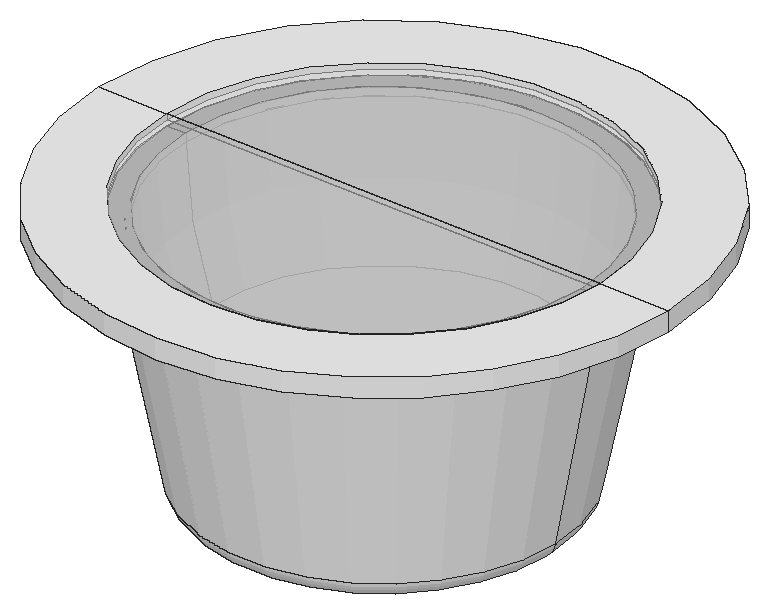
Revit family "2060575+2028034 Sylvania Lighting Fixture ASCENT 100 II ARCH 3700 4K STD 160 with IP44 Clear Glass", category Lighting Fixtures, host Face, Revit 2016
Family settings
  Host = Face
  Part Type = Normal
  Round Connector Dimension = Use Diameter
  OmniClass Number = 23.80.70.11.17
  OmniClass Title = Specialized Lighting by Location or Use
  Cut with Voids When Loaded = No
  Light Source = Yes
  Shared = No
  Room Calculation Point = No
Parameters (values of type "2060575+2028034 ASCT100 II ARCH 3700 4K STD 160 with IP44 Clear Glass")
  WidthBezelAcc_SYL = 25.0 mm
  Weight = "1.2 kg"
  Wattage = 30 W
  WarrantyStartDate [instance] = "n/a"
  WarrantyGuarantorParts = "n/a"
  WarrantyDurationUnit = "n/a"
  WarrantyDurationParts = "n/a"
  WarrantyDescription = "n/a"
  built-in parameter 1150110 = 1 (stored number, unit not read)
  Voltage = 0 V
  VisibilityAccessory_SYL = yes
  TypeName = "ASCENT 100 II ARCH 3700 4K STD 160"
  built-in parameter 1114217 = 1 (stored number, unit not read)
  Tilt Angle = -90°
  built-in parameter 1150109 = 1 (stored number, unit not read)
  built-in parameter 1150134 = 12
  built-in parameter 1150113 = 1 (stored number, unit not read)
  SerialNumber [instance] = "n/a"
  ReflectorRadius_SYL = Radius_SYL - 14.5 mm  # 80.0 mm
  RadiusAcc_SYL = 105.0 mm
  Radius_SYL = 94.5 mm
  URL = "http://www.sylvania-lighting.com"
  PowerFactor = 0
  PowerConsumption = "30 W"
  Photometric Web File = "2060575.ies"
  NominalWidth = 0.0 mm
  NominalLength = 0.0 mm
  NominalHeight = 94.0 mm
  Name = "ASCENT 100 II ARCH 3700 4K STD 160"
  ModelReference = "ASCENT 100 II ARCH 3700 4K STD 160"
  ModelNumber = "2060575+2028034"
  Material_4_SYL = none
  Material_3_SYL = Polycarbonate_Sylvania_Ascent_Clear
  Material_2_SYL = Aluminium_Sylvania_Ascent_Silver
  Material_1_SYL = Aluminum_Sylvania_Ascent_White
  Material = "aluminium housing, arcylic diffuser"
  ManufacturerName = "Feilo Sylvania"
  LuminousEfficacy = "126 lm/W"
  built-in parameter 1150105 = 300.8 (stored number, unit not read)
  Lumens = 3780 lm
  LuminaireType = ""
  built-in parameter 1150115 = 1 (stored number, unit not read)
  LightOutputRatio = "100"
  built-in parameter 1150137 = (empty or 0)
  built-in parameter 1150139 = (empty or 0)
  LampsType = Lamp  # "LED"
  LampNominalLuminous = "3766 lm"
  LampMacAdamStep = "3"
  LampColourTemperature = "4000 K"
  LampColourRenderingIndex = "80"
  built-in parameter 1150112 = 1 (stored number, unit not read)
  built-in parameter 1150114 = 1 (stored number, unit not read)
  Keynote = "16500"
  InstallationDate [instance] = "n/a"
  InputVoltage = "n/a"
  InputNominalFrequency = "n/a"
  built-in parameter 1150132 = (empty or 0)
  built-in parameter 1150102 = (empty or 0)
  built-in parameter 1150107 = 4000 (stored number, unit not read)
  built-in parameter 1150138 = (empty or 0)
  IngressProtection = "IP44"
  ImpactProtectionIndex = "IK02"
  built-in parameter 1150106 = 3.008 (stored number, unit not read)
  IfcExportType = "IfcLightFixtureType"
  IfcExportAs = "IfcLightFixtureType"
  Height_SYL = 94.0 mm
  HeightAcc_SYL = 7.0 mm
  ExpectedLife = 50000
  EmittionSurface_SYL = if(VisibilityAccessory_SYL, 7.0 mm, 3.0 mm)  # 7.0 mm
  Emit from Circle Diameter = DiffuserRadius_SYL * 2  # 146.0 mm
  Emit Shape Visible in Rendering = no
  ElectricShockClassification = "Class II"
  built-in parameter 1150104 = 11.706 (stored number, unit not read)
  DurationUnit = "hours"
  DocumentationLiterature = "http://www.sylvania-lighting.com/product/en-int/products/2060575"
  DimmingControlOptions = "n/a"
  Dimming Lamp Color Temperature Shift = <None>
  DiffuserRadius_SYL = ReflectorRadius_SYL - 7.0 mm  # 73.0 mm
  Diameter_SYL = 2 * Radius_SYL  # 189.0 mm
  CutoutDiameter_SYL = Diameter_SYL - 13.0 mm  # 176.0 mm
  CreatedOn = "9/17/2018"
  CreatedBy = "@sylvania-lighting.com"
  Color Filter = 16777215
  built-in parameter 1114216 [instance] = 1 (stored number, unit not read)
  Model = "ASCENT 100 II ARCH 3700 4K STD 160"
  Manufacturer = "Feilo Sylvania"
  Lamp = "LED"
  Description = "Direct LED retro fit for original LED 100 Arch (160) single CFL lamp offering Matching lumen levels and improved light distribution of original LED 100 CFL lamp equivalents Typically half the power consumption compared to CFL Up to 112lm/W 160mm aperture Architectural reflector accepts range of glass accessories from existing LED 100 Arch 160 offering HE, HO and VHO versions equivalent of single 1 x 18W, 1 x 32W, 1 x 42W\r\n Additional VVHO versions which offer the performance circa 2 x 32W equivalent"  # constant formula
  Default Elevation = 0.0 mm
  built-in parameter 1140040 [instance] = 1
  BarCode [instance] = "n/a"
  built-in parameter 1114218 = 1 (stored number, unit not read)
  built-in parameter 1150133 = 10 (stored number, unit not read)
  AssetType = "Fixed"
  AssetIdentifier [instance] = "n/a"
  Assembly Code = "D5020200"
  Apparent Load = 30 VA
  Aperture_SYL = 2 * ReflectorRadius_SYL  # 160.0 mm
Reference planes
  plane 1 "Center (Front/Back)": y = 0
  plane 2: z = 0
  plane 3 "Center (Left/Right)": x = 0
  plane 4 "Fixture Bottom": z = 3
  plane 5: z = -52.5
  plane 6 "Fixture Top": z = -91
  plane 7: x = -105
  plane 8: z = 7
  plane 9: x = -80
  plane 10: z = 5
  plane 11: x = -103
Forms (mm)
  Extrusion 1, solid, material "Aluminum_Sylvania_Ascent_White", detail levels fine
    sketch origin (0, 0, 0) x (1, 0, 0) y (0, 1, 0)
      loop
        circle (0, 0) r 94.5
      loop
        circle (0, 0) r 80
    from 0 to 3
  Extrusion 2, void
    sketch origin (0, 0, 0) x (1, 0, 0) y (0, 1, 0)
      loop
        circle (0, 0) r 88
    from -91 to 3
  Revolve 3, solid, material "Aluminum_Sylvania_Ascent_White" <- "Material_1_SYL", detail levels fine
    sketch origin (0, 0, 0) x (1, 0, 0) y (0, 0, 1)
      loop
        line (0, -91.073) -> (0, -89.023) -> (-55.468, -89.014)
        arc (-55.468, -89.014) -> (-59.352, -87.613) -> (-61.54, -84.139) r 6.307
        line (-61.54, -84.139) -> (-77.991, -2.844) -> (-77.991, 0) -> (-80, 0) -> (-80, -3) -> (-63.5, -84.536)
        arc (-63.5, -84.536) -> (-60.643, -89.203) -> (-55.5, -91.073) r 8.291
        line (-55.5, -91.073) -> (0, -91.073)
      axis (0, 0) -> (0, -91.073)
    angle from 0 to 360
  Revolve 4, solid, material "Aluminium_Sylvania_Ascent_Silver" <- "Material_2_SYL", detail levels fine
    sketch origin (0, 0, 0) x (1, 0, 0) y (0, 0, 1)
      loop
        line (-80, 3) -> (-80, 0) -> (-75, 0)
        arc (-75, 0) -> (-72.349, -26.77) -> (-64.5, -52.5) r 136.5
        line (-64.5, -52.5) -> (-58, -52.5)
        arc (-58, -52.5) -> (-56.857, -61.521) -> (-53.5, -69.971) r 36.166
        line (-53.5, -69.971) -> (0, -69.971) -> (0, -50.5) -> (-63.16, -50.5)
        arc (-63.16, -50.5) -> (-70.517, -25.725) -> (-73, 0) r 134.5
        line (-73, 0) -> (-73, 3) -> (-80, 3)
      axis (0, 3) -> (0, -69.971)
    angle from 0 to 360
  Extrusion 5, solid, material "Polycarbonate_Sylvania_Ascent_Clear" <- "Material_3_SYL", detail levels fine
    sketch origin (0, 0, 0) x (1, 0, 0) y (0, 1, 0)
      loop
        circle (0, 0) r 73
    from 0 to 3
  Revolve 6, solid, material "Aluminum_Sylvania_Ascent_White" <- "Material_1_SYL", detail levels coarse+medium
    sketch origin (0, 0, 0) x (1, 0, 0) y (0, 0, 1)
      loop
        line (0, -91.073) -> (0, 3) -> (-94.5, 3) -> (-94.5, 0) -> (-79.5, 0) -> (-79.5, -3) -> (-63, -84.536)
        arc (-63, -84.536) -> (-60.143, -89.203) -> (-55, -91.073) r 8.291
        line (-55, -91.073) -> (0, -91.073)
      axis (0, 3) -> (0, -91.073)
    angle from 0 to 360
  Revolve 7, solid, material "Aluminum_Sylvania_Ascent_White" <- "Material_1_SYL", visible <- "VisibilityAccessory_SYL"
    sketch origin (0, 0, 0) x (1, 0, 0) y (0, 0, 1)
      loop
        line (-105, 0) -> (-103, 0) -> (-103, 5) -> (-80, 5) -> (-80, 7) -> (-105, 7) -> (-105, 0)
      axis (0, 7) -> (0, 0)
    angle from 0 to 360
  Revolve 8, solid, material "Polycarbonate_Sylvania_Ascent_Clear" <- "Material_3_SYL", visible <- "VisibilityAccessory_SYL"
    sketch origin (0, 0, 0) x (1, 0, 0) y (0, 0, 1)
      loop
        line (-80, 7) -> (-80, 5) -> (0, 5) -> (0, 7) -> (-80, 7)
      axis (0, 7) -> (0, 5)
    angle from 0 to 360
Lines and regions (mm)
  reference lines
    curve 1: line (-150, 0, 7) -> (125, 0, 7)
Dimensions and locks
  locked: plane 4 "Fixture Bottom" to plane 2 at 3
  "Height_SYL": plane 4 "Fixture Bottom" to plane 6 "Fixture Top"
  "ReflectorRadius_SYL": plane 3 "Center (Left/Right)" to Revolve 4 sketch curve
  locked: Revolve 4 sketch curve to Revolve 4 sketch curve at 15.5
  locked: Revolve 4 sketch curve to Revolve 4 sketch curve at 5
  locked: Revolve 4 sketch curve to Revolve 4 sketch curve at 7
  locked: Revolve 4 sketch curve to Revolve 4 sketch curve at 22
  locked: Revolve 4 sketch curve to Revolve 4 sketch curve at 26.5
  locked: Revolve 3 sketch curve to Revolve 3 sketch curve at 16.5
  locked: Revolve 3 sketch curve to Revolve 3 sketch curve at 24.5
  "ReflectorRadius_SYL": Revolve 3 sketch curve to plane 3 "Center (Left/Right)"
  locked: Revolve 3 sketch curve to plane 6 "Fixture Top" at 6.464
  locked: plane 2 to Revolve 3 sketch curve at 3
  locked: Revolve 3 sketch curve to Revolve 3 sketch curve at 2
  locked: Revolve 3 sketch curve to Revolve 3 sketch curve at 2.009
  locked: plane 2 to plane 5 at 52.5
  locked: Revolve 6 sketch curve to Revolve 6 sketch curve at 31.5
  locked: Revolve 6 sketch curve to Revolve 6 sketch curve at 39.5
  locked: Revolve 6 sketch curve to Revolve 6 sketch curve at 15
  "Radius_SYL": plane 3 "Center (Left/Right)" to Revolve 6 sketch curve
  "RadiusAcc_SYL": plane 3 "Center (Left/Right)" to plane 7
  "HeightAcc_SYL": plane 8 to level
  "WidthBezelAcc_SYL": plane 7 to plane 9
  locked: plane 7 to plane 11 at 2
  locked: plane 8 to plane 10 at 2
  "EmittionSurface_SYL": curve 1 to level
  "CutoutDiameter_SYL": diameter of Extrusion 2 sketch curve
  "ReflectorRadius_SYL": radius of Extrusion 1 sketch curve
  "DiffuserRadius_SYL": radius of Extrusion 5 sketch curve
  "Radius_SYL": radius of Extrusion 1 sketch curve
  aligned and locked: host face to plane 2
  aligned and locked: host face to level
  aligned and locked: plane 4 "Fixture Bottom" to Extrusion 1
  aligned and locked: Extrusion 1 to plane 2
  aligned and locked: Revolve 3 sketch curve to plane 3 "Center (Left/Right)"
  aligned and locked: Revolve 4 sketch curve to plane 3 "Center (Left/Right)"  (x2)
  aligned and locked: plane 4 "Fixture Bottom" to Revolve 4 sketch curve
  aligned and locked: Extrusion 5 to plane 2
  aligned and locked: plane 2 to Revolve 3 sketch curve  (x2)
  aligned and locked: Revolve 6 sketch curve to plane 3 "Center (Left/Right)"
  aligned and locked: plane 6 "Fixture Top" to Extrusion 2
  aligned and locked: Revolve 7 sketch curve to plane 3 "Center (Left/Right)"
  aligned and locked: host face to Revolve 7 sketch curve  (x2)
  aligned and locked: Revolve 7 sketch curve to plane 7
  aligned and locked: plane 8 to Revolve 7 sketch curve
  aligned and locked: plane 9 to Revolve 7 sketch curve
  aligned and locked: Revolve 7 sketch curve to plane 10
  aligned and locked: plane 11 to Revolve 7 sketch curve
  aligned and locked: Revolve 7 to Revolve 8 sketch curve
  aligned and locked: Revolve 8 sketch curve to Revolve 7  (x2)
  aligned and locked: Revolve 8 sketch curve to plane 3 "Center (Left/Right)"  (x2)
  aligned and locked: plane 3 "Center (Left/Right)" to imposter light
  aligned and locked: imposter light to plane 1 "Center (Front/Back)"
  aligned and locked: imposter light to curve 1
Automatic sketch dimensions
  plane 1 "Center (Front/Back)" to Extrusion 2 sketch curve = 0.0 mm
  Extrusion 2 sketch curve to plane 3 "Center (Left/Right)" = 0.0 mm
  Extrusion 1 sketch curve to Extrusion 1 sketch curve = 0.0 mm  (x2)
  plane 1 "Center (Front/Back)" to Extrusion 1 sketch curve = 0.0 mm
  Extrusion 1 sketch curve to plane 3 "Center (Left/Right)" = 0.0 mm
  plane 6 "Fixture Top" to Revolve 3 sketch curve = 0.073 mm
  Revolve 3 sketch curve to plane 6 "Fixture Top" = 6.861 mm
  Revolve 3 sketch curve to Revolve 3 sketch curve = 0.003 mm
  Revolve 3 sketch curve to Revolve 3 sketch curve = 0.009 mm  (x2)
  Revolve 3 sketch curve to Revolve 3 sketch curve = 0.023 mm
  Revolve 3 sketch curve to Revolve 3 sketch curve = 0.072 mm
  Revolve 3 sketch curve to Revolve 3 sketch curve = 0.008 mm
  Revolve 3 sketch curve to plane 6 "Fixture Top" = 1.977 mm
  Revolve 3 sketch curve to Revolve 3 sketch curve = 33.496 mm
  Revolve 3 sketch curve to Revolve 3 sketch curve = 0.028 mm
  plane 4 "Fixture Bottom" to Revolve 3 sketch curve = 82.431 mm
  Revolve 4 sketch curve to Revolve 4 sketch curve = 0.0 mm  (x2)
  Revolve 4 sketch curve to plane 5 = 0.0 mm
  Revolve 4 sketch curve to level = 0.0 mm
  plane 5 to Revolve 4 sketch curve = 2.0 mm
  plane 4 "Fixture Bottom" to Revolve 4 sketch curve = 9.642 mm
  plane 1 "Center (Front/Back)" to Extrusion 5 sketch curve = 0.0 mm
  Extrusion 5 sketch curve to plane 3 "Center (Left/Right)" = 0.0 mm
  Revolve 4 sketch curve to level = 69.971 mm
  Revolve 4 sketch curve to Revolve 4 sketch curve = 2.387 mm
  Revolve 6 sketch curve to level = 0.0 mm
  Revolve 6 sketch curve to plane 3 "Center (Left/Right)" = 0.0 mm
  Revolve 6 sketch curve to Revolve 6 sketch curve = 8.104 mm
  Revolve 6 sketch curve to level = 3.0 mm
  Revolve 6 sketch curve to plane 6 "Fixture Top" = 6.464 mm
  plane 6 "Fixture Top" to Revolve 6 sketch curve = 0.073 mm
  Revolve 6 sketch curve to Revolve 6 sketch curve = 33.496 mm
  plane 4 "Fixture Bottom" to Revolve 6 sketch curve = 82.431 mm
  host sketch curve to host sketch curve = 1704.996 mm
  host sketch curve to host sketch curve = 1500.0 mm
  plane 6 "Fixture Top" to Revolve 7 sketch curve = 281.274 mm
  Revolve 7 sketch curve to plane 8 = 1140.706 mm
  plane 6 "Fixture Top" to Revolve 8 sketch curve = 281.274 mm
  Revolve 8 sketch curve to Revolve 8 sketch curve = 1140.706 mm
  Revolve 3 sketch curve to plane 3 "Center (Left/Right)" = 0.0 mm
  Revolve 6 sketch curve to plane 4 "Fixture Bottom" = 0.0 mm
  plane 7 to curve 1 = 45.0 mm
  plane 3 "Center (Left/Right)" to curve 1 = 125.0 mm
Connectors
  electrical at (0, 0, -91.073), driven by "Apparent Load"
    settings: on Revolve 3, index 1, voltage 240 V, apparent load 0 VA, apparent load phase1 30 VA, apparent load phase2 0 VA, apparent load phase3 0 VA, power factor 1, load classification "Lighting", number of poles 1, system type 31, power factor state 1, is connector primary yes, connector utility no, sub classification motor no, connector description ""
